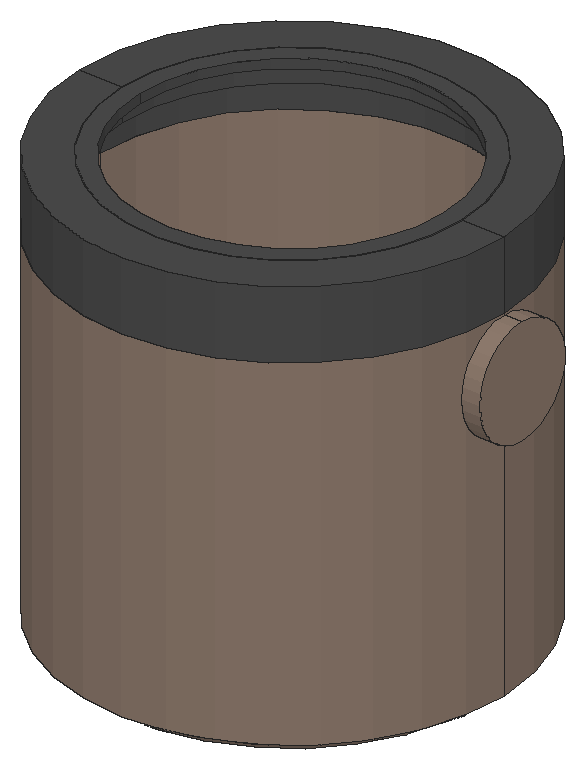
Revit family
Parameters (values of type "7080 (6" Diameter)")
  Weight (lb) = 0
  Warranty = "1 year material and workmanship"  # constant formula
  URL = "http://JRSmith.com"
  Threaded Connection = no
  Technical and Installation = "http://www.jrsmith.com/products/backw/tech/td_back.htm"
  SmartBIM Object Version = 3  # constant formula
  SmartBIM Object Created By = "Reed Construction Data"  # constant formula
  Product URL = "http://www.jrsmith.com/products/backw/submittal/d7080.pdf"
  Pipe Size = 6"
  Pipe Radius = Pipe Size / 2  # 3"
  OmniClass Title = "Backwater Valves"  # constant formula
  OmniClass Code = "22-22 05 23"  # constant formula
  Offset from Floor = 0"
  No Hub Connection = no
  Model = "7080"  # constant formula
  Max. Static Load = ""
  Material Finish = Duco coated
  Material = Galvanized Cast Iron
  Manufacturer = "Jay R. Smith Mfg. Co."  # constant formula
  Height = 6"
  Free Area(Sq In) = ""
  Flow Rate = ""
  Description = "Duco cast iron body with ball float backwater valve"  # constant formula
  Default Elevation = 48"
  Connector Diameter = 3/4"
  Capacity = ""
  Assembly Code = "D2030400"
  Action = "Ball"  # constant formula
  95 CSI = "15110"  # constant formula
  04 CSI = "22 05 23"  # constant formula
Types (6): name | Pipe Size | Pipe Radius
  (no name) | 6" | 3"
  7080 (2" Diameter) | 2" | 1"
  7080 (3" Diameter) | 3" | 1 1/2"
  7080 (4" Diameter) | 4" | 2"
  7080 (5" Diameter) | 5" | 2 1/2"
  7080 (6" Diameter) | 6" | 3"
Reference planes (in)
  plane 1 "Center (Front/Back)": y = 0
  plane 2: z = 0
  plane 3 "Center (Left/Right)": x = -27.05151
  plane 4: x = -30.05151
  plane 5: x = -24.05151
  plane 6: z = 0
Dimensions and locks (in)
  equal spacing: plane 5, plane 3 "Center (Left/Right)", plane 4
  locked: plane 5 to plane 4 at 6
  "Offset from Floor": plane 6 to level
  aligned and locked: plane 1 "Center (Front/Back)" to nested 1
  aligned and locked: plane 3 "Center (Left/Right)" to nested 1
  aligned and locked: plane 6 to nested 1
Nested families (in)
  nested 1: "7080" at (0, 0, -6), type "7080 (2" Diameter)"
    with Pipe Size 6"
Connectors (in)
  piping at (-27.05151, 0, 0), driven by "Pipe Radius"
    settings: on nested 1, index 1
Definition of nested family "7080"
  Parameters (values of type "7080 (6" Diameter)")
    Weight (lb) = 0
    Warranty = "1 year material and workmanship"  # constant formula
    URL = "http://JRSmith.com"
    Threaded Connection = no
    Technical and Installation = "http://www.jrsmith.com/products/backw/tech/td_back.htm"
    SmartBIM Object Version = 3  # constant formula
    SmartBIM Object Created By = "Reed Construction Data"  # constant formula
    Product URL = "http://www.jrsmith.com/products/backw/submittal/d7080.pdf"
    Pipe Size = 6"
    OmniClass Title = "Backwater Valves"  # constant formula
    OmniClass Code = "22-22 05 23"  # constant formula
    Offset from Floor = 3 3/4"
    No Hub Connection = no
    Model = "7080"  # constant formula
    Max. Static Load = ""
    Material Finish = Duco coated
    Material = Galvanized Cast Iron
    Manufacturer = "Jay R. Smith Mfg. Co."  # constant formula
    Height = 6"
    Free Area(Sq In) = ""
    Flow Rate = ""
    Description = "Duco cast iron body with ball float backwater valve"  # constant formula
    Default Elevation = 48"
    Connector Diameter = 3/4"
    Capacity = ""
    Assembly Code = "D2030400"
    Action = "Ball"  # constant formula
    95 CSI = "15110"  # constant formula
    04 CSI = "22 05 23"  # constant formula
  Types (5): name | Pipe Size | Offset from Floor
    7080 (2" Diameter) | 2" | 0"
    7080 (3" Diameter) | 3" | 3 3/4"
    7080 (4" Diameter) | 4" | 3 3/4"
    7080 (5" Diameter) | 5" | 3 3/4"
    7080 (6" Diameter) | 6" | 3 3/4"
  Reference planes (in)
    plane 1 "Center (Front/Back)": y = 0
    plane 2: z = 0
    plane 3 "Center (Left/Right)": x = -27.05151
    plane 4: x = -30.05151
    plane 5: x = -24.05151
    plane 6: z = 6.75
    plane 7: z = 9.75
    plane 8: z = 9.61837
    plane 9: x = -23.80151
    plane 10: z = 3.75
  Forms (in)
    Revolve 1, solid, material "Duco coated" <- "Material Finish"
      sketch origin (0, 0, 3.75) x (1, 0, 0) y (0, 0, 1)
        loop
          line (-29.76538, 0) -> (-27.05151, 0) -> (-27.05151, 0.25) -> (-29.76538, 0.25) -> (-29.76538, 5.0365) -> (-30.05151, 5.0365) -> (-30.05151, 0.19809) -> (-29.76538, 0)
        axis (-27.05151, 5.0365) -> (-27.05151, 0)
      angle from 0 to 360
    Extrusion 2, solid, material "Galvanized Cast Iron" <- "Material"
      sketch origin (0, 0, 3.75) x (1, 0, 0) y (0, 1, 0)
        loop
          circle (-27.05151, 0) r 2.40024
        loop
          circle (-27.05151, 0) r 2.15024
      from 5.86837 to 6
    Extrusion 3, solid, material "Duco coated" <- "Material Finish"
      sketch origin (-24.05151, -180, 95.47999) x (0, 0, 1) y (0, -1, 0)
        loop
          circle (-91.21815, -180) r 0.75
      from 0 to 0.25
    Revolve 4, solid, material "Galvanized Cast Iron" <- "Material"
      sketch origin (0, 0, 3.75) x (1, 0, 0) y (0, 0, 1)
        loop
          line (-30.05151, 6) -> (-30.05151, 5.0365) -> (-29.76618, 5.0365) -> (-29.76618, 5.45217)
          arc (-29.76618, 5.45217) -> (-29.73856, 5.51885) -> (-29.67188, 5.54647) r 0.0943
          line (-29.67188, 5.54647) -> (-29.45175, 5.54647) -> (-29.45175, 6) -> (-30.05151, 6)
        axis (-27.05151, 6) -> (-27.05151, 5.0365)
      angle from 0 to 360
  Dimensions and locks (in)
    equal spacing: plane 5, plane 3 "Center (Left/Right)", plane 4
    "Pipe Size": plane 5 to plane 4
    locked: plane 7 to plane 8 at 0.13163
    locked: plane 9 to plane 5 at 0.25
    locked: Revolve 1 sketch curve to plane 10 at 0.25
    locked: Revolve 1 sketch curve to plane 4 at 0.28613
    "Height": plane 7 to plane 10
    "Offset from Floor": plane 10 to level
    "Connector Diameter": radius of Extrusion 3 sketch curve
    aligned and locked: Extrusion 2 to plane 8
    aligned and locked: plane 7 to Extrusion 2
    aligned and locked: plane 9 to Extrusion 3
    aligned and locked: Revolve 1 sketch curve to plane 10
  Automatic sketch dimensions
    Revolve 1 sketch curve to plane 4 = 0"
    Revolve 1 sketch curve to plane 3 "Center (Left/Right)" = 0"  (x2)
    Revolve 1 sketch curve to Revolve 1 sketch curve = 0"
    Revolve 1 sketch curve to level = 42.90555"
    Revolve 1 sketch curve to Revolve 1 sketch curve = 0.19809"
    Revolve 1 sketch curve to plane 8 = 0.83187"
    plane 7 to Revolve 1 sketch curve = 89.06503"
    Extrusion 2 sketch curve to Extrusion 2 sketch curve = 0"  (x12)
    Extrusion 2 sketch curve to plane 1 "Center (Front/Back)" = 0"
    Extrusion 2 sketch curve to plane 3 "Center (Left/Right)" = 0"
    plane 4 to Extrusion 2 sketch curve = 0.84976"
    Extrusion 2 sketch curve to Extrusion 2 sketch curve = 1/4"
    Extrusion 3 sketch curve to plane 1 "Center (Front/Back)" = 0"
    Extrusion 3 sketch curve to plane 6 = 2.48815"
    Revolve 4 sketch curve to plane 4 = 0"
    Revolve 4 sketch curve to plane 7 = 0"
    Revolve 4 sketch curve to plane 3 "Center (Left/Right)" = 0"
    plane 4 to Revolve 4 sketch curve = 0.28532"
    Revolve 4 sketch curve to Revolve 4 sketch curve = 0.0943"
    Revolve 4 sketch curve to Revolve 4 sketch curve = 0.22013"
    Revolve 4 sketch curve to plane 8 = 0.32189"
    Revolve 4 sketch curve to Revolve 4 sketch curve = 0.41568"
    Revolve 4 sketch curve to level = 42.90555"
    plane 7 to Revolve 4 sketch curve = 89.06503"
